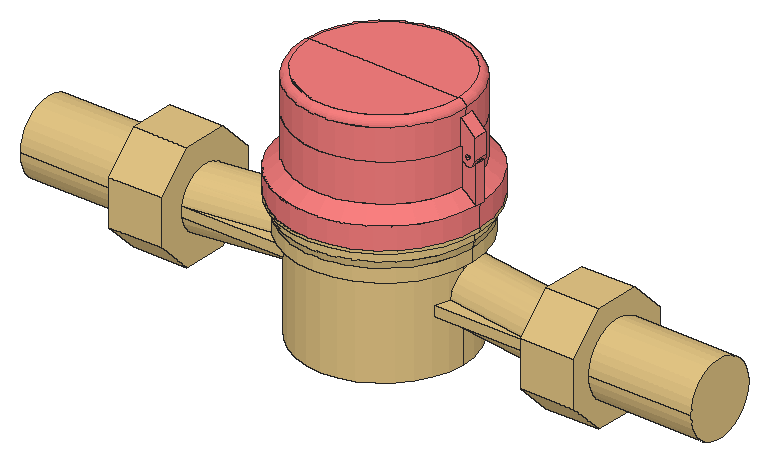
Revit family "DCST_Счетчик водяной общедомовой_ОСВУ_Нептун", category Арматура трубопроводов, Revit 2019
Family settings
  Размер круглого соединителя = Использовать диаметр
  Тип детали = Вставляется
  На основе рабочей плоскости = Нет
  Всегда вертикально = Да
  При загрузке вырезать с полостями = Нет
  Общий = Нет
Parameters (values of type "ОСВУ-25 "НЕПТУН"")
  УГО_Длина линии = L1  # 43 mm
  УГО_Длина = Монтажная длина - 20 mm + 2 * L2  # 194 mm
  УГО_Высота = УГО_Длина / 2  # 97 mm
  Тип счетчика [instance] = "крыльчатый"  # constant formula
  Тип водоснабжения [instance] = "универсальное"  # constant formula
  Способ присоединения [instance] = "резьбовое"  # constant formula
  Сегмент товаров [instance] = "Общедомовые счетчики воды"  # constant formula
  Присоединение к трубопроводу [instance] = size_lookup(LT, "G", "", Диаметр условного прохода, Монтажная длина, ИПД_Код)  # "1 1/4\""
  Номинальный (рабочий) расход Qn [instance] = size_lookup(LT, "Qn", "", Диаметр условного прохода, Монтажная длина, ИПД_Код)  # "3.5 м3/ч"
  Номинальное давление [instance] = "16 кгс/см²"  # constant formula
  Наименование линейки [instance] = "ОСВУ \"НЕПТУН\""  # constant formula
  Мокроходный [instance] = "нет"  # constant formula
  Модификация оборудования [instance] = size_lookup(LT, "", "", Диаметр условного прохода, Монтажная длина, ИПД_Код)  # "ОСВУ-25 \"НЕПТУН\""
  Многоструйный [instance] = "нет"  # constant formula
  Минимальный расход Qmin_класс С [instance] = size_lookup(LT, "QminC", "", Диаметр условного прохода, Монтажная длина, ИПД_Код)  # "-"
  Минимальный расход Qmin_класс В [instance] = size_lookup(LT, "QminB", "", Диаметр условного прохода, Монтажная длина, ИПД_Код)  # "0.07 м3/ч"
  Минимальный расход Qmin_класс А [instance] = size_lookup(LT, "QminA", "", Диаметр условного прохода, Монтажная длина, ИПД_Код)  # "0.14 м3/ч"
  Метрологический класс / класс точности [instance] = if(Интерфейс передачи данных = Геркон, "класс \"C\"", "класс \"B\"")  # "класс \"B\""
  Межповерочный интервал [instance] = "6 лет"  # constant formula
  Материал корпуса [instance] = size_lookup(LT, "Mat", "", Диаметр условного прохода, Монтажная длина, ИПД_Код)  # "латунь"
  Максимальный расход Qmax [instance] = size_lookup(LT, "Qmax", "", Диаметр условного прохода, Монтажная длина, ИПД_Код)  # "7 м3/ч"
  Контакты_Разработчик = "support@bimlib.pro"  # constant formula
  Контакты_Производитель = "metronic@decast.com"  # constant formula
  Интерфейс передачи данных [instance] = ♦ : нет
  Изготовитель = "Декаст"  # constant formula
  ИПД_Код [instance] = if(Интерфейс передачи данных = Нет, 0, 1)  # 0
  Геркон = ♦ : импульсный выход (геркон)
  Нет = ♦ : нет
  Диапазон температуры измеряемой среды [instance] = size_lookup(LT, "T", "", Диаметр условного прохода, Монтажная длина, ИПД_Код)  # "от +5 до +90 °C"
  Диаметр условного прохода = 25 mm
  Watermark [instance] = "Модели защищены уникальным кодом"
  URL = "https://www.decast.com/"
  SW = 45 mm
  LT = "ОСВУ_253240"  # constant formula
  L2 = 22 mm
  L1 = 43 mm
  Монтажная длина = 170 mm
  F = 10 mm
  Dm = 30 mm
  DN40 = Диаметр условного прохода = 40 mm  # no
  DN2532 = not(DN40)  # yes
  D1 = 25 mm
  D = 25 mm
  ADSK_Наименование [instance] = size_lookup(LT, "Name", "Не найдено: счетчик для воды общедомовой", Диаметр условного прохода, Монтажная длина, ИПД_Код)  # "Счетчик воды общедомовой, монтажная длина 170 мм, Qn=3.5 м3/ч, Qmax=7 м3/ч, G 1 1/4\""
  ADSK_Масса_Текст = ""
  ADSK_Масса [instance] = size_lookup(LT, "M", 0, Диаметр условного прохода, Монтажная длина, ИПД_Код)  # 1
  ADSK_Марка [instance] = Модификация оборудования  # "ОСВУ-25 \"НЕПТУН\""
  ADSK_Количество = 1  # constant formula
  ADSK_Код изделия [instance] = size_lookup(LT, "Art", "", Диаметр условного прохода, Монтажная длина, ИПД_Код)  # "75-25-01"
  ADSK_Завод-изготовитель = "Декаст"  # constant formula
  ADSK_Единица измерения = "шт."
  ADSK_Диаметр условный = 25 mm
Types (3, lengths in mm): name | УГО_Длина линии | УГО_Длина | УГО_Высота | Присоединение к трубопроводу | Номинальный (рабочий) расход Qn | Модификация оборудования | Минимальный расход Qmin_класс В | Минимальный расход Qmin_класс А | Максимальный расход Qmax | Диаметр условного прохода | SW | L2 | L1 | Монтажная длина | F | Dm | DN40 | DN2532 | D1 | D | ADSK_Наименование | ADSK_Масса | ADSK_Марка | ADSK_Код изделия | ADSK_Диаметр условный
  ОСВУ-25 "НЕПТУН" | 43 | 194 | 97 | "1 1/4\"" | "3.5 м3/ч" | "ОСВУ-25 \"НЕПТУН\"" | "0.07 м3/ч" | "0.14 м3/ч" | "7 м3/ч" | 25 | 45 | 22 | 43 | 170 | 10 | 30 | no | yes | 25 | 25 | "Счетчик воды общедомовой, монтажная длина 170 мм, Qn=3.5 м3/ч, Qmax=7 м3/ч, G 1 1/4\"" | 1 | "ОСВУ-25 \"НЕПТУН\"" | "75-25-01" | 25
  ОСВУ-32 "НЕПТУН" | 63 | 200 | 100 | "1 1/2\"" | "6 м3/ч" | "ОСВУ-32 \"НЕПТУН\"" | "0.12 м3/ч" | "0.24 м3/ч" | "12 м3/ч" | 32 | 55 | 25 | 63 | 170 | 8 | 40 | no | yes | 32 | 32 | "Счетчик воды общедомовой, монтажная длина 170 мм, Qn=6 м3/ч, Qmax=12 м3/ч, G 1 1/2\"" | 2 | "ОСВУ-32 \"НЕПТУН\"" | "75-32-01" | 32
  ОСВУ-40 "НЕПТУН" | 63 | 220 | 110 | "2\"" | "10 м3/ч" | "ОСВУ-40 \"НЕПТУН\"" | "0.2 м3/ч" | "0.4 м3/ч" | "20 м3/ч" | 40 | 65 | 25 | 63 | 190 | 13 | 45 | yes | no | 40 | 40 | "Счетчик воды общедомовой, монтажная длина 190 мм, Qn=10 м3/ч, Qmax=20 м3/ч, G 2\"" | 2.5 | "ОСВУ-40 \"НЕПТУН\"" | "75-40-01" | 40
Reference planes
  plane 1 "По центру (Вперед/Назад)": y = 0
  plane 2: z = 0
  plane 3 "По центру (Влево/Вправо)": x = 0
  plane 4: x = -85
  plane 5: x = 85
  plane 6: x = -140
  plane 7: x = 140
  plane 8: x = -75
  plane 9: x = -97
  plane 10: x = 75
  plane 11: x = 97
  plane 12: y = 10
  plane 13: y = -12.5
  plane 14: y = 12.5
Forms (mm)
  Revolve 1, solid, material "Латунь", visible <- "DN2532", detail levels fine
    sketch origin (0, 0, 0) x (1, 0, 0) y (0, 0, 1)
      loop
        line (0, -24.9) -> (0, 28.6) -> (-40, 28.6) -> (-40, 27.4) -> (-37.65, 27.4) -> (-37.65, 23.1) -> (-36.75, 20.2) -> (-36.75, 14.7) -> (-33.1, 14.7) -> (-33.1, -24.9) -> (0, -24.9)
      axis (0, -24.9) -> (0, 28.6)
    angle from 0 to 360
  Blend 2, solid, material "Латунь", visible <- "DN2532", detail levels fine
    base sketch origin (0, 0, 0) x (0, 1, 0) y (0, 0, 1)
      loop
        circle (0, 0) r 12.5
    top sketch origin (0, 0, 0) x (0, 1, 0) y (0, 0, 1)
      loop
        circle (10, 0) r 12.5
    from -75 to -5
  Blend 3, solid, material "Латунь", visible <- "DN2532", detail levels fine
    base sketch origin (0, 0, 0) x (0, 1, 0) y (0, 0, -1)
      loop
        circle (0, 0) r 12.5
    top sketch origin (0, 0, 0) x (0, 1, 0) y (0, 0, -1)
      loop
        circle (10, 0) r 12.5
    from -75 to -5
  Extrusion 4, solid, material "Латунь", detail levels fine
    sketch origin (0, 0, 0) x (0, 1, 0) y (0, 0, 1)
      loop
        line (-22.5, -9.32) -> (-9.32, -22.5) -> (9.32, -22.5) -> (22.5, -9.32) -> (22.5, 9.32) -> (9.32, 22.5) -> (-9.32, 22.5) -> (-22.5, 9.32) -> (-22.5, -9.32)
    from -97 to -75
  Extrusion 5, solid, material "Латунь", detail levels fine
    sketch origin (0, 0, 0) x (0, 1, 0) y (0, 0, 1)
      loop
        line (-9.32, 22.5) -> (-22.5, 9.32) -> (-22.5, -9.32) -> (-9.32, -22.5) -> (9.32, -22.5) -> (22.5, -9.32) -> (22.5, 9.32) -> (9.32, 22.5) -> (-9.32, 22.5)
    from 75 to 97
  Extrusion 6, solid, material "Латунь", detail levels fine
    sketch origin (0, 0, 0) x (0, 1, 0) y (0, 0, 1)
      loop
        circle (0, 0) r 15
    from -140 to -97
  Extrusion 7, solid, material "Латунь", detail levels fine
    sketch origin (0, 0, 0) x (0, 1, 0) y (0, 0, 1)
      loop
        circle (0, 0) r 15
    from 97 to 140
  Revolve 8, solid, material "Пластик красный", visible <- "DN2532", detail levels fine
    sketch origin (0, 0, 0) x (1, 0, 0) y (0, 0, 1)
      loop
        line (0, 28.6) -> (0, 58.6) -> (-34.15, 58.6) -> (-34.15, 42.7) -> (-40, 37.7) -> (-40, 28.6) -> (0, 28.6)
      axis (0, 28.6) -> (0, 58.6)
    angle from 0 to 360
  Revolve 9, solid, material "Пластик красный", visible <- "DN2532", detail levels fine
    sketch origin (0, 0, 0) x (1, 0, 0) y (0, 0, 1)
      loop
        line (0, 58.6) -> (0, 74.4) -> (-31.15, 74.4)
        arc (-31.15, 74.4) -> (-33.271, 73.521) -> (-34.15, 71.4) r 3
        line (-34.15, 71.4) -> (-34.15, 58.6) -> (0, 58.6)
      axis (0, 58.6) -> (0, 74.4)
    angle from 0 to 360
  Extrusion 10, solid, material "Пластик красный", visible <- "DN2532", detail levels fine
    sketch origin (-30, 0, 0) x (1, 0, 0) y (0, 0, 1)
      loop
        line (64.15, 58.6) -> (65.15, 58.6) -> (65.15, 54.6)
        arc (65.15, 54.6) -> (67.575, 52.175) -> (70, 54.6) r 2.425
        line (70, 54.6) -> (70, 63.25) -> (64.15, 69.1) -> (64.15, 58.6)
      loop
        circle (67.575, 55.6) r 1
    from -3 to 3
  Extrusion 11, solid, material "Пластик красный", visible <- "DN2532", detail levels fine
    sketch origin (-30, 0, 0) x (1, 0, 0) y (0, 0, 1)
      loop
        line (70, 37.7) -> (70, 63.25) -> (64.15, 63.25) -> (64.15, 42.7) -> (70, 37.7)
    from -2 to 2
  Revolve 12, solid, material "Латунь", visible <- "DN40", detail levels fine
    sketch origin (0, 0, 0) x (1, 0, 0) y (0, 0, 1)
      loop
        line (0, 37.346) -> (-46.313, 37.346) -> (-46.313, 35.842) -> (-45.291, 34.82) -> (-45.291, 30.487)
        arc (-45.291, 30.487) -> (-43.651, 25.032) -> (-39.274, 21.385) r 9.893
        line (-39.274, 21.385) -> (-39.274, -25.138)
        arc (-39.274, -25.138) -> (-38.454, -27.118) -> (-36.474, -27.938) r 2.8
        line (-36.474, -27.938) -> (0, -27.938) -> (0, 37.346)
      axis (0, -27.938) -> (0, 37.346)
    angle from 0 to 360
  Revolve 13, solid, material "Пластик красный", visible <- "DN40", detail levels fine
    sketch origin (0, 0, 0) x (1, 0, 0) y (0, 0, 1)
      loop
        line (-33.374, 56.108) -> (-46.714, 42.614) -> (-46.714, 37.346) -> (0, 37.346) -> (0, 79.047) -> (-30.374, 79.047)
        arc (-30.374, 79.047) -> (-32.495, 78.168) -> (-33.374, 76.047) r 3
        line (-33.374, 76.047) -> (-33.374, 56.108)
      axis (0, 37.346) -> (0, 79.047)
    angle from 0 to 360
  Extrusion 14, solid, material "Пластик красный", visible <- "DN40", detail levels fine
    sketch origin (0, 0, 0) x (1, 0, 0) y (0, 0, 1)
      loop
        line (33.374, 74.905) -> (31.71, 74.905) -> (31.71, 64.366) -> (34.71, 64.366) -> (34.71, 60.554)
        arc (34.71, 60.554) -> (36.956, 58.182) -> (39.286, 60.471) r 2.289
        line (39.286, 60.471) -> (39.286, 68.664) -> (33.374, 74.905)
      loop
        circle (37.144, 61.386) r 0.98
    from -3 to 3
  Extrusion 15, solid, material "Пластик красный", visible <- "DN40", detail levels fine
    sketch origin (0, 0, 0) x (1, 0, 0) y (0, 0, 1)
      loop
        line (39.286, 68.664) -> (32.286, 68.664) -> (32.286, 50.128) -> (39.286, 50.128) -> (39.286, 68.664)
    from -2 to 2
  Blend 16, solid, material "Латунь", visible <- "DN40", detail levels fine
    base sketch origin (0, 0, 0) x (0, 1, 0) y (0, 0, 1)
      loop
        circle (0, 0) r 12.5
    top sketch origin (0, 0, 0) x (0, 1, 0) y (0, 0, 1)
      loop
        circle (10, 0) r 12.5
    from 75 to 5
  Blend 17, solid, material "Латунь", visible <- "DN40", detail levels fine
    base sketch origin (0, 0, 0) x (0, 1, 0) y (0, 0, 1)
      loop
        circle (0, 0) r 12.5
    top sketch origin (0, 0, 0) x (0, 1, 0) y (0, 0, 1)
      loop
        circle (10, 0) r 12.5
    from -75 to -5
  Extrusion 18, solid, material "Латунь", detail levels fine
    sketch origin (0, 0, 0) x (1, 0, 0) y (0, 1, 0)
      loop
        line (-75, -12.5) -> (75, -12.5) -> (75, 0) -> (-75, 0) -> (-75, -12.5)
    from -2 to 2
Cuts and joins
  joined: Revolve 1, Blend 2, Blend 3
  joined: Revolve 12, Blend 16, Blend 17
Dimensions and locks
  equal spacing: plane 4, plane 3 "По центру (Влево/Вправо)", plane 5
  "Монтажная длина": plane 4 to plane 5
  locked: plane 8 to plane 4 at 10
  locked: plane 10 to plane 5 at 10
  "F": plane 1 "По центру (Вперед/Назад)" to plane 12
  equal spacing: Extrusion 4 sketch curve, level, Extrusion 4 sketch curve
  "SW": Extrusion 4 sketch curve to Extrusion 4 sketch curve  (x4)
  equal spacing: Extrusion 4 sketch curve, plane 1 "По центру (Вперед/Назад)", Extrusion 4 sketch curve  (x3)
  equal spacing: Extrusion 5 sketch curve, level, Extrusion 5 sketch curve
  "SW": Extrusion 5 sketch curve to Extrusion 5 sketch curve  (x4)
  equal spacing: Extrusion 5 sketch curve, plane 1 "По центру (Вперед/Назад)", Extrusion 5 sketch curve  (x3)
  "L2": plane 8 to plane 9
  "L2": plane 10 to plane 11
  "L1": plane 6 to plane 9
  "L1": plane 11 to plane 7
  equal spacing: plane 14, plane 1 "По центру (Вперед/Назад)", plane 13
  "D1": plane 13 to plane 14
  "D": diameter of Blend 2 sketch curve
  "D1": diameter of Blend 2 sketch curve
  "D": diameter of Blend 3 sketch curve
  "D1": diameter of Blend 3 sketch curve
  "Dm": diameter of Extrusion 6 sketch curve
  "Dm": diameter of Extrusion 7 sketch curve
  radius of Revolve 9 sketch curve = 3 mm
  "D": diameter of Blend 16 sketch curve
  "D1": diameter of Blend 16 sketch curve
  "D": diameter of Blend 17 sketch curve
  "D1": diameter of Blend 17 sketch curve
  angle Extrusion 4 sketch curve to Extrusion 4 sketch curve = 135.00°  (x8)
  angle Extrusion 5 sketch curve to Extrusion 5 sketch curve = 135.00°  (x8)
  aligned and locked: level to plane 2
  aligned and locked: plane 1 "По центру (Вперед/Назад)" to Blend 2 sketch curve
  aligned and locked: level to Blend 2 sketch curve  (x2)
  aligned and locked: plane 12 to Blend 2 sketch curve
  aligned and locked: Blend 2 to plane 8
  aligned and locked: plane 1 "По центру (Вперед/Назад)" to Blend 3 sketch curve
  aligned and locked: level to Blend 3 sketch curve  (x2)
  aligned and locked: plane 12 to Blend 3 sketch curve
  aligned and locked: Blend 3 to plane 10
  aligned and locked: plane 8 to Extrusion 4
  aligned and locked: Extrusion 4 to plane 9
  aligned and locked: plane 10 to Extrusion 5
  aligned and locked: Extrusion 5 to plane 11
  aligned and locked: plane 1 "По центру (Вперед/Назад)" to Extrusion 6 sketch curve
  aligned and locked: level to Extrusion 6 sketch curve
  aligned and locked: level to Extrusion 7 sketch curve
  aligned and locked: plane 1 "По центру (Вперед/Назад)" to Extrusion 7 sketch curve
  aligned and locked: plane 11 to Extrusion 7
  aligned and locked: Extrusion 7 to plane 7
  aligned and locked: plane 9 to Extrusion 6
  aligned and locked: Extrusion 6 to plane 6
  aligned and locked: plane 3 "По центру (Влево/Вправо)" to nested 1
  aligned and locked: nested 1 to level
  aligned and locked: plane 3 "По центру (Влево/Вправо)" to nested 2
  aligned and locked: plane 1 "По центру (Вперед/Назад)" to nested 2
  aligned and locked: plane 12 to Blend 16 sketch curve
  aligned and locked: level to Blend 16 sketch curve
  aligned and locked: Blend 16 to plane 10
  aligned and locked: Blend 17 to plane 8
  aligned and locked: Extrusion 18 sketch curve to plane 1 "По центру (Вперед/Назад)"
  aligned and locked: Extrusion 18 sketch curve to plane 10
  aligned and locked: Extrusion 18 sketch curve to plane 8
  aligned and locked: plane 13 to Extrusion 18 sketch curve
Automatic sketch dimensions
  Revolve 12 sketch curve to Revolve 12 sketch curve = 3.876 mm
  Revolve 12 sketch curve to Revolve 12 sketch curve = 9.893 mm
  Revolve 12 sketch curve to Revolve 12 sketch curve = 1.022 mm  (x2)
  Revolve 12 sketch curve to Revolve 12 sketch curve = 4.333 mm
  Revolve 12 sketch curve to Revolve 12 sketch curve = 6.859 mm
  Revolve 13 sketch curve to Revolve 13 sketch curve = 3 mm
  Revolve 13 sketch curve to Revolve 13 sketch curve = 13.34 mm
  Revolve 13 sketch curve to Revolve 13 sketch curve = 5.268 mm
  Revolve 13 sketch curve to Revolve 13 sketch curve = 13.494 mm
  Revolve 13 sketch curve to Revolve 13 sketch curve = 19.938 mm
  Extrusion 14 sketch curve to Extrusion 14 sketch curve = 3 mm
  Extrusion 14 sketch curve to Extrusion 14 sketch curve = 2.287 mm
  Extrusion 14 sketch curve to Extrusion 14 sketch curve = 0.147 mm
  Extrusion 14 sketch curve to Extrusion 14 sketch curve = 4.576 mm
  Extrusion 14 sketch curve to Extrusion 14 sketch curve = 0.915 mm
  Extrusion 14 sketch curve to Extrusion 14 sketch curve = 3.812 mm
  Extrusion 14 sketch curve to Extrusion 14 sketch curve = 4.298 mm
  Extrusion 14 sketch curve to Extrusion 14 sketch curve = 1.664 mm
  Extrusion 14 sketch curve to Extrusion 14 sketch curve = 6.242 mm
  Extrusion 15 sketch curve to Extrusion 15 sketch curve = 7 mm
  Extrusion 15 sketch curve to Extrusion 15 sketch curve = 18.536 mm
  Revolve 12 sketch curve to Revolve 12 sketch curve = 2.8 mm
  Revolve 12 sketch curve to Revolve 12 sketch curve = 36.474 mm
  Revolve 12 sketch curve to Revolve 12 sketch curve = 46.523 mm
  Revolve 12 sketch curve to Revolve 12 sketch curve = 0 mm
  Revolve 12 sketch curve to Revolve 12 sketch curve = 28.79 mm
  Revolve 12 sketch curve to Revolve 12 sketch curve = 3 mm
  Revolve 13 sketch curve to Revolve 13 sketch curve = 30.374 mm
  Revolve 13 sketch curve to Revolve 13 sketch curve = 0 mm
  Revolve 13 sketch curve to Revolve 13 sketch curve = 32.346 mm
  Revolve 13 sketch curve to Revolve 13 sketch curve = 5 mm
  Revolve 1 sketch curve to plane 3 "По центру (Влево/Вправо)" = 0 mm  (x2)
  Revolve 1 sketch curve to level = 0 mm
  Revolve 1 sketch curve to Revolve 1 sketch curve = 33.1 mm
  Revolve 1 sketch curve to Revolve 1 sketch curve = 3.65 mm
  Revolve 1 sketch curve to Revolve 1 sketch curve = 0.9 mm
  Revolve 1 sketch curve to Revolve 1 sketch curve = 2.35 mm
  Revolve 1 sketch curve to level = 24.9 mm
  level to Revolve 1 sketch curve = 14.7 mm
  Revolve 1 sketch curve to Revolve 1 sketch curve = 5.5 mm
  Revolve 1 sketch curve to Revolve 1 sketch curve = 2.9 mm
  Revolve 1 sketch curve to Revolve 1 sketch curve = 4.3 mm
  Revolve 1 sketch curve to Revolve 1 sketch curve = 1.2 mm
  Revolve 1 sketch curve to Revolve 1 sketch curve = 5 mm
  Revolve 8 sketch curve to plane 3 "По центру (Влево/Вправо)" = 0 mm  (x2)
  Revolve 8 sketch curve to level = 0 mm
  Revolve 8 sketch curve to Revolve 8 sketch curve = 34.15 mm
  Revolve 8 sketch curve to Revolve 8 sketch curve = 5.85 mm
  level to Revolve 8 sketch curve = 28.6 mm
  Revolve 8 sketch curve to Revolve 8 sketch curve = 9.1 mm
  Revolve 8 sketch curve to Revolve 8 sketch curve = 5 mm
  Revolve 8 sketch curve to Revolve 8 sketch curve = 30 mm
  level to Revolve 8 sketch curve = 5 mm
  Revolve 9 sketch curve to plane 3 "По центру (Влево/Вправо)" = 0 mm  (x2)
  Revolve 9 sketch curve to level = 0 mm
  Revolve 9 sketch curve to plane 3 "По центру (Влево/Вправо)" = 31.15 mm
  level to Revolve 9 sketch curve = 58.6 mm
  Revolve 9 sketch curve to Revolve 9 sketch curve = 12.8 mm
  level to Revolve 9 sketch curve = 5 mm
  plane 3 "По центру (Влево/Вправо)" to Extrusion 10 sketch curve = 34.15 mm
  Extrusion 10 sketch curve to Extrusion 10 sketch curve = 1 mm  (x2)
  Extrusion 10 sketch curve to Extrusion 10 sketch curve = 2.425 mm
  Extrusion 10 sketch curve to Extrusion 10 sketch curve = 0 mm
  level to Extrusion 10 sketch curve = 54.6 mm
  Extrusion 10 sketch curve to Extrusion 10 sketch curve = 4 mm
  Extrusion 10 sketch curve to Extrusion 10 sketch curve = 4.65 mm
  Extrusion 10 sketch curve to Extrusion 10 sketch curve = 5.85 mm
  plane 3 "По центру (Влево/Вправо)" to Extrusion 11 sketch curve = 34.15 mm
  Extrusion 11 sketch curve to Extrusion 11 sketch curve = 5.85 mm
  level to Extrusion 11 sketch curve = 37.7 mm
  Extrusion 11 sketch curve to Extrusion 11 sketch curve = 5 mm
  Extrusion 11 sketch curve to Extrusion 11 sketch curve = 20.55 mm
  Revolve 12 sketch curve to plane 3 "По центру (Влево/Вправо)" = 0 mm
  Revolve 12 sketch curve to level = 27.938 mm
  Revolve 13 sketch curve to plane 3 "По центру (Влево/Вправо)" = 0 mm
  Revolve 13 sketch curve to level = 0 mm
  plane 3 "По центру (Влево/Вправо)" to Extrusion 14 sketch curve = 31.71 mm
  level to Extrusion 14 sketch curve = 60.471 mm
  plane 3 "По центру (Влево/Вправо)" to Extrusion 15 sketch curve = 32.286 mm
  level to Extrusion 15 sketch curve = 50.128 mm
  Blend 16 sketch curve to level = 0 mm
  Blend 16 sketch curve to plane 1 "По центру (Вперед/Назад)" = 0 mm
  Blend 17 sketch curve to level = 0 mm  (x2)
  Blend 17 sketch curve to plane 1 "По центру (Вперед/Назад)" = 0 mm
  Blend 17 sketch curve to plane 12 = 0 mm
  radius of Extrusion 14 sketch curve = 0.98 mm
  radius of Extrusion 10 sketch curve = 1 mm
Nested families
  nested 1: "УГО_Водомер" at (0, 0, 0) x (1, 0, 0) z (0, -1, 0), A <- "УГО_Длина", B <- "УГО_Высота", C <- "УГО_Длина линии", type "УГО_Водомер", detail levels coarse+medium
    with C 43 mm, B 97 mm, A 194 mm
  nested 2: "УГО_ЭУ_Водомер (счетчик воды)" at (0, 0, 0), УГО_Длина <- "УГО_Длина", УГО_Длина линии <- "УГО_Длина линии", УГО_Ширина <- "УГО_Высота", type "УГО_ЭУ_Водомер (счетчик воды)", detail levels coarse+medium
    with УГО_Ширина 97 mm, УГО_Длина линии 43 mm, УГО_Длина 194 mm
Connectors
  piping at (-140, 0, 0), diameter 25, driven by "ADSK_Диаметр условный"
    settings: on Extrusion 6, index 1, connector inside diameter 609.6 mm, connector length 0 mm, flow factor 0, pipe flow 0.0 L/s, pressure drop 0.0 Pa, fitting loss kfactor 0, connector angle 0.00°, fixture units 0, engagement length 0 mm, angle of deflection 0.00°, flow configuration 0, flow direction 0, fitting loss method 0, system type 29, joint type 0, gender type 0, connector reference index -1, connector utility 0, adjustable connector no, is connector primary yes, connector description ""
  piping at (140, 0, 0), diameter 25, driven by "ADSK_Диаметр условный"
    settings: on Extrusion 7, index 2, connector inside diameter 609.6 mm, connector length 0 mm, flow factor 0, pipe flow 0.0 L/s, pressure drop 0.0 Pa, fitting loss kfactor 0, connector angle 0.00°, fixture units 0, engagement length 0 mm, angle of deflection 0.00°, flow configuration 0, flow direction 0, fitting loss method 0, system type 29, joint type 0, gender type 0, connector reference index -1, connector utility 0, adjustable connector no, is connector primary no, connector description ""
Definition of nested family "УГО_Водомер"
  Parameters (values of type "УГО_Водомер")
    C [instance] = 50 mm
    B [instance] = 100 mm
    A [instance] = 200 mm
  Reference planes
    plane 1 "По центру (Вперед/Назад)": y = 0
    plane 2: z = 0
    plane 3 "По центру (Влево/Вправо)": x = 0
    plane 4: x = -100
    plane 5: x = 100
    plane 6: y = -50
    plane 7: y = 50
    plane 8: x = -150
    plane 9: x = 150
  Forms (mm)
    Extrusion 1, solid
      sketch origin (0, 0, 0) x (1, 0, 0) y (0, 1, 0)
        loop
          line (-100, -50) -> (100, 50) -> (-100, 50) -> (-100, -50)
      from -1 to 1
    Extrusion 2, solid
      sketch origin (0, 0, 0) x (1, 0, 0) y (0, 1, 0)
        loop
          line (-100, -50) -> (100, -50) -> (100, 50) -> (-100, -50)
      from -1 to 1
  Lines and regions (mm)
    model lines
      curve 1: line (100, 0, 0) -> (150, 0, 0)
      curve 2: line (-100, 0, 0) -> (-150, 0, 0)
  Dimensions and locks
    equal spacing: plane 4, plane 3 "По центру (Влево/Вправо)", plane 5
    "A": plane 4 to plane 5
    equal spacing: plane 6, plane 1 "По центру (Вперед/Назад)", plane 7
    "B": plane 6 to plane 7
    "C": plane 8 to plane 4
    equal spacing: plane 8, plane 3 "По центру (Влево/Вправо)", plane 9
    aligned and locked: level to plane 2
    aligned and locked: plane 7 to Extrusion 1 sketch curve
    aligned and locked: plane 6 to Extrusion 1 sketch curve
    aligned and locked: plane 4 to Extrusion 1 sketch curve  (x2)
    aligned and locked: plane 5 to Extrusion 1 sketch curve
    aligned and locked: plane 4 to Extrusion 2 sketch curve
    aligned and locked: Extrusion 2 sketch curve to plane 6
    aligned and locked: plane 7 to Extrusion 2 sketch curve
    aligned and locked: plane 6 to Extrusion 2 sketch curve
    aligned and locked: Extrusion 2 sketch curve to plane 5
    aligned and locked: plane 8 to curve 2
    aligned and locked: plane 4 to curve 2
    aligned and locked: plane 9 to curve 1
    aligned and locked: plane 5 to curve 1
  Automatic sketch dimensions
    plane 1 "По центру (Вперед/Назад)" to curve 1 = 0 mm
    plane 1 "По центру (Вперед/Назад)" to curve 2 = 0 mm
Definition of nested family "УГО_ЭУ_Водомер (счетчик воды)"
  Parameters (values of type "УГО_ЭУ_Водомер (счетчик воды)")
    УГО_Ширина [instance] = 70 mm
    УГО_Длина линии [instance] = 15 mm
    УГО_Длина [instance] = 110 mm
  Reference planes
    plane 1 "По центру (Вперед/Назад)": y = 0
    plane 2: z = 0
    plane 3 "По центру (Влево/Вправо)": x = 0
    plane 4: x = -55
    plane 5: x = 55
    plane 6: y = 35
    plane 7: y = -35
  Lines and regions (mm)
    Filled region 1, type "Сплошная заливка - Черный", in view "Опорный уровень"
      outline origin (0, 0, 0) x (1, 0, 0) y (0, 1, 0)
        loop
          line (55, -35) -> (55, 35) -> (-55, -35) -> (55, -35)
    detail lines, in view "Опорный уровень"
      curve 1: line (-55, -35, 0) -> (-55, 35, 0)
      curve 2: line (-55, 35, 0) -> (55, 35, 0)
      curve 3: line (55, 35, 0) -> (-55, -35, 0)
      curve 4: line (55, -35, 0) -> (55, 35, 0)
      curve 5: line (55, -35, 0) -> (-55, -35, 0)
      curve 6: line (-55, -35, 0) -> (55, 35, 0)
      curve 7: line (55, 0, 0) -> (70, 0, 0)
      curve 8: line (-55, 0, 0) -> (-70, 0, 0)
  Dimensions and locks
    equal spacing: plane 4, plane 3 "По центру (Влево/Вправо)", plane 5
    "УГО_Длина": plane 4 to plane 5
    equal spacing: plane 7, plane 1 "По центру (Вперед/Назад)", plane 6
    "УГО_Ширина": plane 6 to plane 7
    "УГО_Длина линии": plane 5 to curve 7
    "УГО_Длина линии": curve 8 to plane 4
    aligned and locked: curve 2 to plane 6
    aligned and locked: plane 7 to curve 3
    aligned and locked: plane 5 to curve 2
    aligned and locked: curve 4 to plane 5
    aligned and locked: curve 5 to plane 7
    aligned and locked: plane 4 to curve 6
    aligned and locked: plane 6 to curve 6
    aligned and locked: Filled region 1 sketch curve to curve 5
    aligned and locked: Filled region 1 sketch curve to curve 4
    aligned and locked: Filled region 1 sketch curve to curve 6
    aligned and locked: plane 1 "По центру (Вперед/Назад)" to curve 7
    aligned and locked: curve 8 to plane 1 "По центру (Вперед/Назад)"
